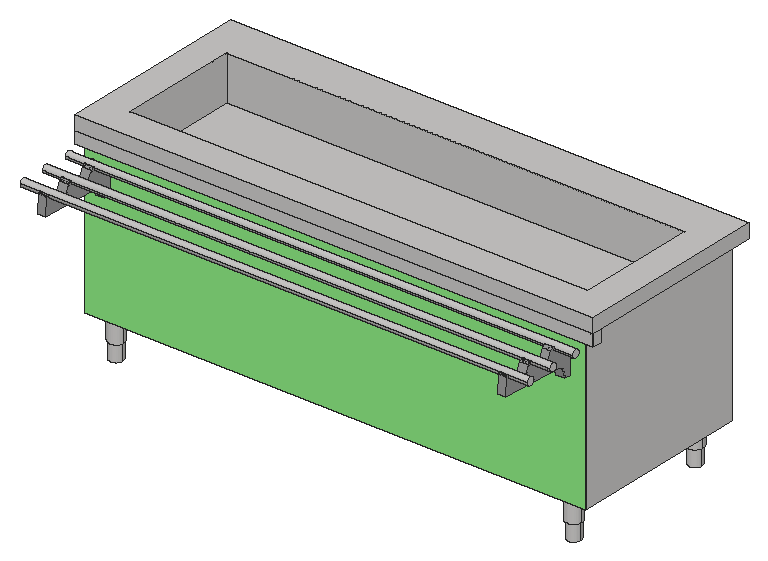
Revit family "QF_BOURGEAT_Self_Bain_marie_eau_6GN", category Equipement spécialisé, Revit 2015
Parameters (values of type "6GN_baie_libre")
  evacuation_eau = 33.2 mm
  arrivée_eau = 21 mm
  URL catalogue = "http://www.bourgeat.fr/fr/"
  URL = ""
  Type de Raccord Plomberie = ""
  Type de Raccord Electrique = ""
  Type article = ""
  Tension = 230 V
  Spécification du Fabricant = "Bain-marie Oasis"
  Roues = no
  Remarques Electricité = ""
  Puissance électrique  = 4200 W
  Profondeur hors tout = 820 mm
  Poids net à vide = 210.00 kg
  Pieds = yes
  lgmeuble = Longueur hors tout - 68 mm  # 2116 mm
  lgconsole = Longueur hors tout - 44 mm  # 2140 mm
  lg_presentoir = lgmeuble - 44 mm  # 2072 mm
  lg_porte = (lg_etagere / 2) + 10 mm  # 866 mm
  lg_etagere = lgmeuble - 404 mm  # 1712 mm
  Reserves = no
  Presentoir = no
  Phase = 2
  Nature isolant = "Laine de verre"
  Modèle = "851016"
  Longueur hors tout = 2184 mm
  Intensité nominale = 18.2609 A
  Indice de protection = "21"
  Hauteur hors tout = 900 mm
  Hauteur de Raccordement Evacuation Directe du Sol Finis = 0 mm
  Hauteur de Raccordement Eau Adoucie du Sol Finis = 0 mm
  Fréquence = 50 Hz
  Fabricant = "BOURGEAT"
  Etageres = no
  Diamètre de Raccordement Evacuation = 33.2 mm
  Diamètre de Raccordement Eau Adoucie = 21 mm
  Cuve à eau = yes
  Cuve à air = no
  Contact SAV = "0033 (0)4.76.32.14.44"
  Charge max = 200.00 kg
  Certification = "NF alimentaire"
Types (18, lengths in mm): name | Roues | Puissance électrique  | Poids net à vide | Pieds | Reserves | Presentoir | Modèle | Intensité nominale | Hauteur hors tout | Etageres
  6GN_baie_libre | no | 4200 W | 210.00 kg | yes | no | no | "851016" | 18.2609 A | 900 | no
  6GN_baie_libre+roues | yes | 4200 W | 210.00 kg | no | no | no | "851016+854950" | 18.2609 A | 900 | no
  6GN_baie_libre+etageres | no | 4200 W | 210.00 kg | yes | no | no | "851016+854936" | 18.2609 A | 900 | yes
  6GN_baie_libre+presentoir_neutre | no | 4200 W | 240.00 kg | yes | no | yes | "851016+851316" | 18.2609 A | 1330 | no
  6GN_baie_libre+presentoir_chauffant | no | 5160 W | 240.00 kg | yes | no | yes | "851016+851306" | 22.4348 A | 1330 | no
  6GN_baie_libre+roues+etageres | yes | 4200 W | 210.00 kg | no | no | no | "851016+854950+854936" | 18.2609 A | 900 | yes
  6GN_baie_libre+roues+presentoir_neutre | yes | 4200 W | 240.00 kg | no | no | yes | "851016+854950+851316" | 18.2609 A | 1330 | no
  6GN_baie_libre+roues+presentoir_chauffant | yes | 5160 W | 240.00 kg | no | no | yes | "851016+854950+851306" | 22.4348 A | 1330 | no
  6GN_baie_libre+etageres+presentoir_neutre | no | 4200 W | 210.00 kg | yes | no | yes | "851016+854936+851316" | 18.2609 A | 1330 | yes
  6GN_baie_libre+etageres+presentoir_chauffant | no | 5160 W | 240.00 kg | yes | no | yes | "851016+854936+851306" | 22.4348 A | 1330 | yes
  6GN_baie_libre+roues+presentoir_neutre+etageres | yes | 4200 W | 240.00 kg | no | no | yes | "851016+854950+851316+854936" | 18.2609 A | 1330 | yes
  6GN_baie_libre+roues+presentoir_chauffant+etageres | yes | 5160 W | 240.00 kg | no | no | yes | "851016+854950+851306+854936" | 22.4348 A | 1330 | yes
  6GN_reserve | no | 5100 W | 210.00 kg | yes | yes | no | "851236" | 22.1739 A | 900 | no
  6GN_reserve+roues | yes | 5100 W | 210.00 kg | no | yes | no | "851236+854950" | 22.1739 A | 900 | no
  6GN_reserve+presentoir_neutre | no | 5100 W | 240.00 kg | yes | yes | yes | "851236+851316" | 22.1739 A | 1330 | no
  6GN_reserve+presentoir_chauffant | no | 6060 W | 240.00 kg | yes | yes | yes | "851236+851306" | 26.3478 A | 1330 | no
  6GN_reserve+roues+presentoir_neutre | yes | 5100 W | 240.00 kg | no | yes | yes | "851236+854950+851316" | 22.1739 A | 1330 | no
  6GN_reserve+roues+presentoir_chauffant | yes | 6060 W | 240.00 kg | no | yes | yes | "851236+854950+851306" | 26.3478 A | 1330 | no
Reference planes
  plane 1 "Centre (avant/arrière)": y = 0
  plane 2: z = 0
  plane 3 "Centre (gauche/droite)": x = 0
  plane 4: z = 235
  plane 5: z = 465
  plane 6: y = 820
  plane 7: z = 284
  plane 8: z = 640
  plane 9: y = 598
  plane 10: z = 765
  plane 11: x = -124
  plane 12: y = 187
Forms (mm)
  Extrusion 1, solid
    sketch origin (0, 0, 0) x (1, 0, 0) y (0, 1, 0)
      loop
        circle (-2057, 598) r 10
    from 147.743 to 160
  Extrusion 2, solid
    sketch origin (0, 0, 0) x (1, 0, 0) y (0, 1, 0)
      loop
        circle (-2057, 187) r 10
    from 147.743 to 160
  Extrusion 3, solid
    sketch origin (0, 0, 0) x (1, 0, 0) y (0, 1, 0)
      loop
        circle (-2057, 398) r 10
    from 142 to 160
Dimensions and locks
  locked: nested 2 to plane 2 at 905
  locked: plane 4 to plane 2 at 235
  locked: plane 6 to nested 1 at 47
  locked: plane 7 to plane 2 at 284
  nested 1 to plane 2 = 160 mm
  locked: plane 8 to plane 2 at 640
  locked: nested 1 to plane 9 at 175
  locked: nested 11 to plane 10 at 135
  locked: nested 1 to plane 11 at 90
  locked: nested 1 to plane 12 at 179
  locked: plane 11 to plane 3 "Centre (gauche/droite)" at 124
  nested 1 to Extrusion 3 sketch curve = 375 mm
  aligned and locked: level to plane 2
  aligned and locked: plane 4 to nested 8
  aligned and locked: nested 9 to plane 5
  aligned and locked: nested 7 to nested 8
  aligned and locked: nested 9 to nested 1  (x2)
  aligned and locked: nested 7 to nested 1
  aligned and locked: nested 8 to nested 1  (x2)
  aligned and locked: nested 11 to plane 6
  aligned and locked: nested 10 to plane 6
  aligned and locked: nested 10 to nested 1  (x2)
  aligned and locked: nested 11 to nested 10
  aligned and locked: nested 11 to plane 1 "Centre (avant/arrière)"  (x2)
  aligned and locked: nested 1 to nested 2
  aligned and locked: nested 2 to nested 11
  aligned and locked: nested 11 to nested 1
  aligned and locked: nested 4 to nested 11
  aligned and locked: nested 12 to nested 1
  aligned and locked: nested 12 to nested 9
  aligned and locked: nested 12 to nested 13
  aligned and locked: plane 2 to nested 4
  aligned and locked: nested 5 to plane 2
  aligned and locked: nested 6 to plane 2
  aligned and locked: nested 11 to nested 5
  aligned and locked: nested 11 to nested 6
  aligned and locked: nested 11 to nested 2
  aligned and locked: nested 1 to nested 14  (x2)
  aligned and locked: nested 14 to nested 1
  aligned and locked: nested 11 to nested 15
  aligned and locked: nested 3 to nested 11
  aligned and locked: nested 16 to nested 14  (x2)
  aligned and locked: nested 1 to nested 16
  aligned and locked: nested 15 to plane 7
  aligned and locked: nested 3 to nested 17  (x2)
  aligned and locked: nested 4 to nested 18  (x2)
  aligned and locked: nested 6 to nested 19  (x2)
  aligned and locked: nested 5 to nested 20  (x2)
  aligned and locked: plane 8 to nested 7
  aligned and locked: plane 9 to Extrusion 1 sketch curve
  aligned and locked: Extrusion 1 to nested 1
  aligned and locked: nested 1 to nested 21
  aligned and locked: nested 1 to nested 22
  aligned and locked: plane 10 to nested 21
  aligned and locked: nested 13 to nested 1
  aligned and locked: nested 22 to plane 10
  aligned and locked: nested 22 to plane 11
  aligned and locked: plane 12 to Extrusion 2 sketch curve
  aligned and locked: plane 3 "Centre (gauche/droite)" to nested 11
  aligned and locked: nested 21 to nested 7
  aligned and locked: nested 11 to Extrusion 1 sketch curve
  aligned and locked: nested 18 to Extrusion 2 sketch curve
  aligned and locked: nested 11 to Extrusion 3 sketch curve
  aligned and locked: Extrusion 3 to nested 17
Nested families
  nested 1: "corps_meuble" at (-34, 8, 160), type "corps_meuble"
    with lg_meuble 2116 mm
  nested 2: "presentoir" at (-1092, 410, 551.997) x (0, 1, 0) z (0, 0, 1), visible <- "Presentoir", type "presentoir"
    with lg_presentoir 2072 mm
  nested 3: "pied" at (-2057, 720, 0), visible <- "Pieds", type "pied"
  nested 4: "pied" at (-2057, 58.814, 0), visible <- "Pieds", type "pied"
  nested 5: "pied" at (-127, 700, 0), visible <- "Pieds", type "pied"
  nested 6: "pied" at (-127, 58.814, 0), visible <- "Pieds", type "pied"
  nested 7: "barre_et_console" at (-1092, 8, 465) x (-1, 0, 0) z (0, 0, 1), type "barre_et_console"
    with lg_barre_console 2140 mm
  nested 8: "etagere" at (-1092, 88, 197) x (-1, 0, 0) z (0, 0, 1), visible <- "Etageres", type "etagere"
  nested 9: "etagere" at (-1092, 88, 427) x (-1, 0, 0) z (0, 0, 1), visible <- "Etageres", type "etagere"
  nested 10: "cuve" at (-1092, 410, 708), visible <- "Cuve à air", type "cuve_air"
    with lg_cuve 2184 mm, lg_bloc_ventillation 1930 mm
  nested 11: "cuve" at (-1092, 410, 708), visible <- "Cuve à eau", type "cuve_eau"
    with lg_cuve 2184 mm, lg_bloc_ventillation 1930 mm
  nested 12: "porte" at (-1082, 735, 160), visible <- "Reserves", type "porte"
    with lg_porte 866 mm
  nested 13: "porte" at (-236, 757, 160), visible <- "Reserves", type "porte"
    with lg_porte 866 mm
  nested 14: "bandeau" at (-1092, 773, 657), type "bandeau"
    with lg_bandeau 1712 mm
  nested 15: "IHM" at (-3637.78, 529.137, -323.91) x (-1, 0, 0) z (0, 0, 1), type "IHM"
  nested 16: "rail_porte" at (-1092, 763, 567), visible <- "Reserves", type "rail_porte"
    with lg_rail 1712 mm
  nested 17: "roue_ht160" at (-2057, 720, 0), visible <- "Roues", type "roue_ht160"
    with Sans frein yes, Avec frein yes
  nested 18: "roue_ht160" at (-2057, 58.814, 0), visible <- "Roues", type "roue_ht160"
    with Sans frein yes, Avec frein no
  nested 19: "roue_ht160" at (-127, 58.814, 0), visible <- "Roues", type "roue_ht160"
    with Sans frein yes, Avec frein no
  nested 20: "roue_ht160" at (-127, 700, 0), visible <- "Roues", type "roue_ht160"
    with Sans frein yes, Avec frein yes
  nested 21: "Prise" at (-2001, 798, 722), type "Prise"
  nested 22: "Prise" at (-167, 798, 722), type "Prise"
Connectors
  electrical at (-2057, 598, 147.743)
    settings: on Extrusion 1, index 1, voltage 0 V, apparent load 0 VA, apparent load phase1 0 VA, apparent load phase2 0 VA, apparent load phase3 0 VA, power factor 1, load classification "Autre", number of poles 1, system type 30, power factor state 1, is connector primary yes, connector utility no, sub classification motor no, connector description ""
  piping at (-2057, 187, 147.743), diameter 21, driven by "arrivée_eau"
    settings: on Extrusion 2, index 2, connector inside diameter 609.6 mm, connector length 0 mm, flow factor 0, pipe flow 0.0 L/s, pressure drop 0.0 Pa, fitting loss kfactor 0, connector angle 0.00°, fixture units 0, engagement length 0 mm, angle of deflection 0.00°, flow configuration 0, flow direction 1, fitting loss method 0, system type 8, joint type 0, gender type 0, connector reference index -1, connector utility 0, adjustable connector no, is connector primary yes, connector description ""
  piping at (-2057, 398, 142), diameter 33.2, driven by "evacuation_eau"
    settings: on Extrusion 3, index 3, connector inside diameter 609.6 mm, connector length 0 mm, flow factor 0, pipe flow 0.0 L/s, pressure drop 0.0 Pa, fitting loss kfactor 0, connector angle 0.00°, fixture units 0, engagement length 0 mm, angle of deflection 0.00°, flow configuration 0, flow direction 0, fitting loss method 0, system type 7, joint type 0, gender type 0, connector reference index -1, connector utility 0, adjustable connector no, is connector primary no, connector description ""
Definition of nested family "corps_meuble"
  Parameters (values of type "corps_meuble")
    lg_meuble = 1141 mm
  Reference planes
    plane 1 "Centre (avant/arrière)": y = 0
    plane 2: z = 0
    plane 3 "Centre (gauche/droite)": x = 0
    plane 4: x = -480.227
    plane 5: z = 680
    plane 6: x = -570.5
    plane 7: x = -379.227
    plane 8: x = -1141
    plane 9: x = -1091
    plane 10: x = -202
    plane 11: x = -50
    plane 12: x = -939
    plane 13: y = -1
  Forms (mm)
    Extrusion 1, solid
      sketch origin (-379.227, -50.814, 0) x (1, 0, 0) y (0, 1, 0)
        loop
          line (-761.773, 815.814) -> (-761.773, 50.814) -> (379.227, 50.814) -> (379.227, 815.814) -> (177.227, 815.814) -> (177.227, 130.814) -> (-559.773, 130.814) -> (-559.773, 815.814) -> (-761.773, 815.814)
      from 0 to 680
    Extrusion 2, void
      sketch origin (-379.227, 0, 0) x (1, 0, 0) y (0, 1, 0)
        loop
          line (-711.773, 699.99) -> (-711.773, 119.99) -> (329.227, 119.99) -> (329.227, 699.99) -> (-711.773, 699.99)
      from 541.178 to 680
    Extrusion 3, solid
      sketch origin (0, 0, 0) x (1, 0, 0) y (0, 0, 1)
        loop
          line (-1141, 680) -> (-1141, 0) -> (0, 0) -> (0, 680) -> (-1141, 680)
      from 0 to 1
  Cuts and joins
    Extrusion 2 cuts Extrusion 1
  Dimensions and locks
    locked: plane 5 to plane 2 at 680
    locked: plane 8 to plane 9 at 50
    locked: plane 10 to plane 3 "Centre (gauche/droite)" at 202
    locked: plane 11 to plane 3 "Centre (gauche/droite)" at 50
    equal spacing: plane 8, plane 6, plane 3 "Centre (gauche/droite)"
    "lg_meuble": plane 8 to plane 3 "Centre (gauche/droite)"
    locked: plane 8 to plane 12 at 202
    aligned and locked: level to plane 2
    aligned and locked: plane 5 to Extrusion 1
    aligned and locked: cut or joined group of Extrusion 1, Extrusion 2 to plane 8
    aligned and locked: Extrusion 2 to plane 9
    aligned and locked: Extrusion 1 to plane 10
    aligned and locked: plane 11 to cut or joined group of Extrusion 1, Extrusion 2
    aligned and locked: plane 12 to cut or joined group of Extrusion 1, Extrusion 2
    aligned and locked: Extrusion 3 sketch curve to cut or joined group of Extrusion 1, Extrusion 2  (x4)
    aligned and locked: Extrusion 3 to plane 13
  Automatic sketch dimensions
    Extrusion 1 sketch curve to plane 8 = 0 mm
    Extrusion 1 sketch curve to plane 10 = 0 mm
    plane 1 "Centre (avant/arrière)" to Extrusion 1 sketch curve = 0 mm
    Extrusion 1 sketch curve to plane 3 "Centre (gauche/droite)" = 0 mm
    Extrusion 1 sketch curve to plane 1 "Centre (avant/arrière)" = 80 mm
    Extrusion 1 sketch curve to plane 6 = 368.5 mm
    Extrusion 1 sketch curve to Extrusion 1 sketch curve = 685 mm
    Extrusion 1 sketch curve to Extrusion 1 sketch curve = 765 mm
    Extrusion 2 sketch curve to plane 9 = 0 mm
    Extrusion 2 sketch curve to plane 11 = 0 mm
    Extrusion 2 sketch curve to plane 1 "Centre (avant/arrière)" = 119.99 mm
    Extrusion 2 sketch curve to Extrusion 2 sketch curve = 580 mm
Definition of nested family "presentoir"
  Parameters (values of type "presentoir")
    lg_presentoir = 1097 mm
  Reference planes
    plane 1 "Centre (avant/arrière)": y = 0
    plane 2: z = 0
    plane 3 "Centre (gauche/droite)": x = 0
    plane 4: x = 0
    plane 5: y = 0
    plane 6: z = 348.003
    plane 7: z = 775.003
    plane 8: z = 353.003
    plane 9: z = 770.54
    plane 10: z = 727.003
    plane 11: y = 548.5
    plane 12: y = -548.5
    plane 13: y = 548.5
    plane 14: y = -548.5
  Forms (mm)
    Extrusion 1, solid
      sketch origin (0, 0, 0) x (1, 0, 0) y (0, 0, 1)
        loop
          line (-240.07, 650.474) -> (-234.874, 647.474) -> (-219.875, 673.453)
          arc (-219.875, 673.453) -> (-158.748, 734.58) -> (-75.248, 756.953) r 167
          line (-75.248, 756.953) -> (179.75, 756.953) -> (179.75, 762.953) -> (-75.248, 762.953)
          arc (-75.248, 762.953) -> (-161.33, 740.45) -> (-224.372, 677.664) r 170.59
          line (-224.372, 677.664) -> (-240.07, 650.474)
      from -503.5 to 503.5
    Extrusion 2, solid
      sketch origin (0, 0, 0) x (1, 0, 0) y (0, 1, 0)
        loop
          line (-25, 548.5) -> (-30.461, 503.5) -> (30.461, 503.5) -> (25, 548.5)
          arc (25, 548.5) -> (0, 523.5) -> (-25, 548.5) r 25
        loop
          arc (-25, -548.5) -> (0, -523.5) -> (25, -548.5) r 25
          line (25, -548.5) -> (30.461, -503.5) -> (-30.461, -503.5) -> (-25, -548.5)
      from 727.003 to 770.54
    Extrusion 3, solid
      sketch origin (0, -396.5, 0) x (1, 0, 0) y (0, 1, 0)
        loop
          circle (0, 945) r 21.2
        loop
          circle (0, -152) r 21.2
      from 353.003 to 775.003
    Revolve 4, solid
      sketch origin (0, 0, 0) x (0, 1, 0) y (0, 0, 1)
        loop
          line (-548.5, 353.003) -> (-569.7, 353.003) -> (-573.5, 349.203) -> (-573.5, 348.003) -> (-548.5, 348.003) -> (-548.5, 353.003)
        axis (-548.5, 353.003) -> (-548.5, 348.003)
      angle from 0 to 360
    Revolve 5, solid
      sketch origin (0, 0, 0) x (0, -1, 0) y (0, 0, 1)
        loop
          line (-548.5, 353.003) -> (-569.7, 353.003) -> (-573.5, 349.203) -> (-573.5, 348.003) -> (-548.5, 348.003) -> (-548.5, 353.003)
        axis (-548.5, 353.003) -> (-548.5, 348.003)
      angle from 0 to 360
  Dimensions and locks
    equal spacing: plane 11, plane 1 "Centre (avant/arrière)", plane 12
    "lg_presentoir": plane 11 to plane 12
    locked: Extrusion 2 sketch curve to plane 14 at 45
    locked: plane 13 to Extrusion 2 sketch curve at 45
    aligned and locked: level to plane 2
    aligned and locked: plane 3 "Centre (gauche/droite)" to plane 4
    aligned and locked: Extrusion 3 to plane 7
    aligned and locked: plane 8 to Extrusion 3
    aligned and locked: Extrusion 2 to plane 9
    aligned and locked: plane 10 to Extrusion 2
    aligned and locked: plane 1 "Centre (avant/arrière)" to plane 5
    aligned and locked: plane 11 to Extrusion 3
    aligned and locked: plane 12 to Extrusion 3
    aligned and locked: plane 13 to plane 11
    aligned and locked: plane 14 to plane 12
    aligned and locked: Extrusion 1 to Extrusion 2  (x2)
  Automatic sketch dimensions
    Extrusion 1 sketch curve to plane 3 "Centre (gauche/droite)" = 240.07 mm
    plane 10 to Extrusion 1 sketch curve = 79.529 mm
    Extrusion 1 sketch curve to Extrusion 1 sketch curve = 5.196 mm
    plane 10 to Extrusion 1 sketch curve = 49.34 mm
    Extrusion 1 sketch curve to Extrusion 1 sketch curve = 15.698 mm
    plane 10 to Extrusion 1 sketch curve = 53.55 mm
    Extrusion 1 sketch curve to plane 3 "Centre (gauche/droite)" = 76.636 mm
    Extrusion 1 sketch curve to Extrusion 1 sketch curve = 1.388 mm
    Extrusion 1 sketch curve to Extrusion 1 sketch curve = 0 mm
    plane 9 to Extrusion 1 sketch curve = 13.587 mm
    plane 3 "Centre (gauche/droite)" to Extrusion 1 sketch curve = 179.75 mm
    Extrusion 1 sketch curve to Extrusion 1 sketch curve = 2.415 mm
    Extrusion 2 sketch curve to plane 14 = 0 mm
    plane 11 to Extrusion 2 sketch curve = 0 mm
    Extrusion 2 sketch curve to plane 3 "Centre (gauche/droite)" = 0 mm  (x2)
    Extrusion 2 sketch curve to Extrusion 2 sketch curve = 25 mm  (x2)
    Extrusion 2 sketch curve to plane 3 "Centre (gauche/droite)" = 30.461 mm  (x2)
    plane 3 "Centre (gauche/droite)" to Extrusion 2 sketch curve = 30.461 mm  (x2)
    Extrusion 3 sketch curve to plane 3 "Centre (gauche/droite)" = 0 mm  (x2)
    Extrusion 3 sketch curve to plane 12 = 0 mm
    plane 11 to Extrusion 3 sketch curve = 0 mm
    Revolve 4 sketch curve to plane 6 = 0 mm
    Revolve 4 sketch curve to plane 8 = 0 mm
    Revolve 4 sketch curve to plane 12 = 0 mm  (x2)
    Revolve 4 sketch curve to Revolve 4 sketch curve = 21.2 mm
    Revolve 4 sketch curve to Revolve 4 sketch curve = 3.8 mm
    Revolve 4 sketch curve to Revolve 4 sketch curve = 1.2 mm
    Revolve 4 sketch curve to plane 6 = 14.256 mm
    plane 8 to Revolve 4 sketch curve = 30.744 mm
    Revolve 5 sketch curve to plane 6 = 0 mm
    plane 8 to Revolve 5 sketch curve = 0 mm
    Revolve 5 sketch curve to plane 11 = 0 mm  (x2)
    Revolve 5 sketch curve to plane 11 = 21.2 mm
    Revolve 5 sketch curve to Revolve 5 sketch curve = 3.8 mm
    Revolve 5 sketch curve to Revolve 5 sketch curve = 1.2 mm
    plane 6 to Revolve 5 sketch curve = 14.256 mm
    Revolve 5 sketch curve to Revolve 5 sketch curve = 30.744 mm
    radius of Extrusion 3 sketch curve = 21.2 mm  (x2)
Definition of nested family "pied"
  Reference planes
    plane 1 "Centre (avant/arrière)": y = 0
    plane 2: z = 0
    plane 3 "Centre (gauche/droite)": x = 0
  Forms (mm)
    Revolve 1, solid
      sketch origin (0, 0, 0) x (1, 0, 0) y (0, 0, 1)
        loop
          line (0, 160) -> (-33, 160) -> (-33, 70) -> (-28, 70) -> (-28, 0) -> (0, 0) -> (0, 160)
        axis (0, 160) -> (0, 0)
      angle from 0 to 360
  Dimensions and locks
    plane 3 "Centre (gauche/droite)" to Revolve 1 sketch curve = 28 mm
    Revolve 1 sketch curve to plane 3 "Centre (gauche/droite)" = 33 mm
    Revolve 1 sketch curve to plane 2 = 70 mm
    Revolve 1 sketch curve to Revolve 1 sketch curve = 90 mm
    aligned and locked: level to plane 2
Definition of nested family "barre_et_console"
  Parameters (values of type "barre_et_console")
    lg_barre_console = 1165 mm
  Reference planes
    plane 1 "Centre (avant/arrière)": y = 0
    plane 2: z = 0
    plane 3 "Centre (gauche/droite)": x = 0
    plane 4: x = -582.5
    plane 5: x = 582.5
    plane 6: x = -482.5
    plane 7: x = 482.5
    plane 8: z = 320.378
    plane 9: z = 175
  Dimensions and locks
    locked: plane 4 to plane 6 at 100
    locked: plane 7 to plane 5 at 100
    equal spacing: plane 4, plane 3 "Centre (gauche/droite)", plane 5
    "lg_barre_console": plane 4 to plane 5
    aligned and locked: level to plane 2
    aligned and locked: nested 1 to plane 1 "Centre (avant/arrière)"
    aligned and locked: plane 6 to nested 1
    aligned and locked: plane 7 to nested 2
    aligned and locked: plane 5 to nested 3
    aligned and locked: nested 3 to plane 4
    aligned and locked: plane 8 to nested 3
    aligned and locked: plane 9 to nested 1
  Nested families
    nested 1: "console" at (-482.5, 0, 0) x (0, 1, 0) z (0, 0, 1), type "console"
    nested 2: "console" at (482.5, 0, 0) x (0, 1, 0) z (0, 0, 1), type "console"
    nested 3: "barre" at (582.5, 0, 19.415) x (0, 1, 0) z (0, 0, 1), type "barre"
  Definition of nested family "console"
    Reference planes
      plane 1 "Centre (avant/arrière)": y = 0
      plane 2: z = 0
      plane 3 "Centre (gauche/droite)": x = 0
      plane 4: y = 18
      plane 5: y = -18
      plane 6: y = 0
    Forms (mm)
      Extrusion 1, solid
        sketch origin (-12.245, 0, 175) x (1, 0, 0) y (0, 0, 1)
          loop
            line (12.245, 100) -> (12.245, 0) -> (39.579, 4.82) -> (50.894, 44.279)
            arc (50.894, 44.279) -> (55.986, 52.254) -> (64.592, 56.187) r 16.714
            line (64.592, 56.187) -> (348.499, 69.146) -> (343.309, 143.358)
            arc (343.309, 143.358) -> (342.973, 144.595) -> (342.189, 145.609) r 3.292
            line (342.189, 145.609) -> (337.923, 148.439)
            arc (337.923, 148.439) -> (337.371, 148.545) -> (336.906, 148.229) r 0.731
            arc (336.906, 148.229) -> (320.176, 130.386) -> (309.012, 152.149) r 14.958
            arc (309.012, 152.149) -> (308.597, 152.587) -> (308.001, 152.491) r 0.646
            line (308.001, 152.491) -> (297.265, 144.401) -> (278.874, 108.385)
            arc (278.874, 108.385) -> (262.102, 99.164) -> (245.329, 108.385) r 19.864
            line (245.329, 108.385) -> (229.634, 139.188) -> (217.945, 148.321)
            arc (217.945, 148.321) -> (217.306, 148.53) -> (216.976, 147.944) r 0.53
            arc (216.976, 147.944) -> (200.124, 130.629) -> (188.973, 152.064) r 14.905
            arc (188.973, 152.064) -> (188.691, 152.524) -> (188.154, 152.476) r 0.511
            line (188.154, 152.476) -> (177.098, 144.144) -> (158.855, 108.341)
            arc (158.855, 108.341) -> (142.039, 98.901) -> (125.223, 108.341) r 19.698
            line (125.223, 108.341) -> (109.334, 139.526) -> (97.932, 148.434)
            arc (97.932, 148.434) -> (97.187, 148.438) -> (96.994, 147.718) r 0.61
            arc (96.994, 147.718) -> (79.923, 130.663) -> (69.024, 152.192) r 14.902
            arc (69.024, 152.192) -> (68.66, 152.548) -> (68.158, 152.464) r 0.563
            line (68.158, 152.464) -> (57.103, 144.336) -> (39.164, 108.745)
            arc (39.164, 108.745) -> (33.443, 102.448) -> (25.295, 100) r 15.908
            line (25.295, 100) -> (12.245, 100)
        from -18 to 18
    Dimensions and locks
      plane 4 to plane 5 = 36 mm
      equal spacing: plane 4, plane 6, plane 5, locked at 18 each
      aligned and locked: level to plane 2
      aligned and locked: plane 4 to Extrusion 1
      aligned and locked: Extrusion 1 to plane 5
      aligned and locked: plane 6 to plane 1 "Centre (avant/arrière)"
      aligned and locked: Extrusion 1 to plane 3 "Centre (gauche/droite)"
    Automatic sketch dimensions
      Extrusion 1 sketch curve to Extrusion 1 sketch curve = 12.714 mm
      Extrusion 1 sketch curve to Extrusion 1 sketch curve = 13.05 mm
      Extrusion 1 sketch curve to Extrusion 1 sketch curve = 14.206 mm
      Extrusion 1 sketch curve to Extrusion 1 sketch curve = 27.334 mm
      Extrusion 1 sketch curve to Extrusion 1 sketch curve = 11.315 mm
      Extrusion 1 sketch curve to Extrusion 1 sketch curve = 17.938 mm
      Extrusion 1 sketch curve to Extrusion 1 sketch curve = 13.698 mm
      Extrusion 1 sketch curve to Extrusion 1 sketch curve = 16.057 mm
      Extrusion 1 sketch curve to Extrusion 1 sketch curve = 11.055 mm
      Extrusion 1 sketch curve to Extrusion 1 sketch curve = 0.333 mm
      Extrusion 1 sketch curve to Extrusion 1 sketch curve = 13.785 mm
      Extrusion 1 sketch curve to Extrusion 1 sketch curve = 15.28 mm
      Extrusion 1 sketch curve to Extrusion 1 sketch curve = 0.376 mm
      Extrusion 1 sketch curve to Extrusion 1 sketch curve = 11.401 mm
      Extrusion 1 sketch curve to Extrusion 1 sketch curve = 15.89 mm
      Extrusion 1 sketch curve to Extrusion 1 sketch curve = 16.816 mm  (x2)
      Extrusion 1 sketch curve to Extrusion 1 sketch curve = 18.243 mm
      Extrusion 1 sketch curve to Extrusion 1 sketch curve = 11.057 mm
      Extrusion 1 sketch curve to Extrusion 1 sketch curve = 0.308 mm
      Extrusion 1 sketch curve to Extrusion 1 sketch curve = 13.831 mm
      Extrusion 1 sketch curve to Extrusion 1 sketch curve = 15.204 mm
      Extrusion 1 sketch curve to Extrusion 1 sketch curve = 0.447 mm
      Extrusion 1 sketch curve to Extrusion 1 sketch curve = 11.69 mm
      Extrusion 1 sketch curve to Extrusion 1 sketch curve = 15.695 mm
      Extrusion 1 sketch curve to Extrusion 1 sketch curve = 16.772 mm  (x2)
      Extrusion 1 sketch curve to Extrusion 1 sketch curve = 18.391 mm
      Extrusion 1 sketch curve to Extrusion 1 sketch curve = 10.737 mm
      Extrusion 1 sketch curve to Extrusion 1 sketch curve = 0.389 mm
      Extrusion 1 sketch curve to Extrusion 1 sketch curve = 13.868 mm
      Extrusion 1 sketch curve to Extrusion 1 sketch curve = 15.261 mm
      Extrusion 1 sketch curve to Extrusion 1 sketch curve = 0.404 mm
      Extrusion 1 sketch curve to Extrusion 1 sketch curve = 2.506 mm
      Extrusion 1 sketch curve to Extrusion 1 sketch curve = 2.164 mm
      Extrusion 1 sketch curve to Extrusion 1 sketch curve = 1.12 mm
      Extrusion 1 sketch curve to Extrusion 1 sketch curve = 5.189 mm
      Extrusion 1 sketch curve to Extrusion 1 sketch curve = 4.639 mm
      Extrusion 1 sketch curve to Extrusion 1 sketch curve = 55.721 mm
      Extrusion 1 sketch curve to Extrusion 1 sketch curve = 8.745 mm
      Extrusion 1 sketch curve to Extrusion 1 sketch curve = 10.259 mm
      Extrusion 1 sketch curve to Extrusion 1 sketch curve = 10.642 mm
      Extrusion 1 sketch curve to Extrusion 1 sketch curve = 9.133 mm
      Extrusion 1 sketch curve to Extrusion 1 sketch curve = 31.185 mm
      Extrusion 1 sketch curve to Extrusion 1 sketch curve = 35.803 mm
      Extrusion 1 sketch curve to Extrusion 1 sketch curve = 35.592 mm
      Extrusion 1 sketch curve to Extrusion 1 sketch curve = 3.24 mm
      Extrusion 1 sketch curve to Extrusion 1 sketch curve = 2.946 mm
      Extrusion 1 sketch curve to Extrusion 1 sketch curve = 1.042 mm
      Extrusion 1 sketch curve to Extrusion 1 sketch curve = 0.609 mm
      Extrusion 1 sketch curve to Extrusion 1 sketch curve = 8.427 mm
      Extrusion 1 sketch curve to Extrusion 1 sketch curve = 0.286 mm
      Extrusion 1 sketch curve to Extrusion 1 sketch curve = 0.481 mm
      Extrusion 1 sketch curve to Extrusion 1 sketch curve = 0.516 mm
      Extrusion 1 sketch curve to Extrusion 1 sketch curve = 7.674 mm
      Extrusion 1 sketch curve to Extrusion 1 sketch curve = 7.924 mm
      Extrusion 1 sketch curve to Extrusion 1 sketch curve = 0.453 mm
      Extrusion 1 sketch curve to Extrusion 1 sketch curve = 0.408 mm
      Extrusion 1 sketch curve to Extrusion 1 sketch curve = 0.533 mm
      Extrusion 1 sketch curve to Extrusion 1 sketch curve = 0.511 mm
      Extrusion 1 sketch curve to Extrusion 1 sketch curve = 0.622 mm
      Extrusion 1 sketch curve to Extrusion 1 sketch curve = 4.82 mm
      Extrusion 1 sketch curve to Extrusion 1 sketch curve = 34.82 mm
      Extrusion 1 sketch curve to Extrusion 1 sketch curve = 76.232 mm
      Extrusion 1 sketch curve to Extrusion 1 sketch curve = 37.038 mm
      Extrusion 1 sketch curve to Extrusion 1 sketch curve = 39.239 mm
      Extrusion 1 sketch curve to Extrusion 1 sketch curve = 30.803 mm
      Extrusion 1 sketch curve to Extrusion 1 sketch curve = 34.743 mm
      Extrusion 1 sketch curve to Extrusion 1 sketch curve = 0.23 mm
      Extrusion 1 sketch curve to Extrusion 1 sketch curve = 36.015 mm
      Extrusion 1 sketch curve to Extrusion 1 sketch curve = 2.071 mm
      Extrusion 1 sketch curve to Extrusion 1 sketch curve = 7.575 mm
      Extrusion 1 sketch curve to plane 3 "Centre (gauche/droite)" = 0 mm
      level to Extrusion 1 sketch curve = 175 mm
  Definition of nested family "barre"
    Parameters (values of type "barre")
      lg_barre = 1165 mm
    Reference planes
      plane 1 "Centre (avant/arrière)": y = 0
      plane 2: z = 0
      plane 3 "Centre (gauche/droite)": x = 0
      plane 4: x = 70
      plane 5: x = 190
      plane 6: x = 309
      plane 7: z = 300.963
      plane 8: z = 94.658
      plane 9: y = 0
      plane 10: y = 1165
    Forms (mm)
      Extrusion 1, solid
        sketch origin (0, 0, 0) x (1, 0, 0) y (0, 0, 1)
          loop
            circle (70, 300.963) r 15
          loop
            circle (190, 300.963) r 15
          loop
            circle (309, 300.963) r 15
        from 0 to -1165
    Dimensions and locks
      plane 4 to plane 3 "Centre (gauche/droite)" = 70 mm
      plane 6 to plane 5 to plane 4 = 119 mm, 120 mm
      "lg_barre": plane 10 to plane 1 "Centre (avant/arrière)"
      aligned and locked: level to plane 2
      aligned and locked: Extrusion 1 to plane 9
      aligned and locked: plane 9 to plane 1 "Centre (avant/arrière)"
      aligned and locked: plane 10 to Extrusion 1
    Automatic sketch dimensions
      Extrusion 1 sketch curve to plane 4 = 0 mm
      Extrusion 1 sketch curve to plane 5 = 0 mm
      Extrusion 1 sketch curve to plane 6 = 0 mm
      Extrusion 1 sketch curve to plane 7 = 0 mm  (x3)
      radius of Extrusion 1 sketch curve = 15 mm  (x3)
Definition of nested family "etagere"
  Parameters (values of type "etagere")
    lg_etagere = 1712 mm
  Reference planes
    plane 1 "Centre (avant/arrière)": y = 0
    plane 2: z = 0
    plane 3 "Centre (gauche/droite)": x = 0
    plane 4: y = -625
    plane 5: y = -623
    plane 6: y = -2
    plane 7: x = 0
  Forms (mm)
    Extrusion 1, solid
      sketch origin (0, 0, 0) x (0, 1, 0) y (0, 0, 1)
        loop
          line (0, 119.481) -> (-2, 119.481) -> (-2, 40) -> (-625, 40) -> (-625, 0) -> (-623, 0) -> (-623, 38) -> (0, 38) -> (0, 119.481)
      from -856 to 856
  Dimensions and locks
    locked: plane 6 to plane 1 "Centre (avant/arrière)" at 2
    locked: plane 4 to plane 5 at 2
    plane 4 to plane 1 "Centre (avant/arrière)" = 625 mm
    equal spacing: Extrusion 1, plane 7, Extrusion 1
    "lg_etagere": Extrusion 1 to Extrusion 1
    aligned and locked: level to plane 2
    aligned and locked: plane 2 to Extrusion 1 sketch curve
    aligned and locked: plane 1 "Centre (avant/arrière)" to Extrusion 1 sketch curve
    aligned and locked: plane 4 to Extrusion 1
    aligned and locked: plane 5 to Extrusion 1
    aligned and locked: Extrusion 1 to plane 6
    aligned and locked: plane 3 "Centre (gauche/droite)" to plane 7
  Automatic sketch dimensions
    Extrusion 1 sketch curve to plane 4 = 0 mm
    Extrusion 1 sketch curve to plane 5 = 0 mm
    Extrusion 1 sketch curve to plane 6 = 0 mm
    level to Extrusion 1 sketch curve = 38 mm
    Extrusion 1 sketch curve to Extrusion 1 sketch curve = 2 mm
    Extrusion 1 sketch curve to Extrusion 1 sketch curve = 79.481 mm
Definition of nested family "cuve"
  Parameters (values of type "cuve_eau")
    type_cuve = 178 mm
    lg_cuve = 1209 mm
    lg_bloc_ventillation = lg_cuve - 254 mm  # 955 mm
    bloc_ventillation = no
  Types (2, lengths in mm): name | type_cuve | bloc_ventillation
    cuve_air | 132 | yes
    cuve_eau | 178 | no
  Reference planes
    plane 1 "Centre (avant/arrière)": y = 0
    plane 2: z = 0
    plane 3 "Centre (gauche/droite)": x = 0
    plane 4: y = 410
    plane 5: y = -410
    plane 6: x = -604.5
    plane 7: x = 604.5
    plane 8: z = 192
    plane 9: y = 232
    plane 10: y = -278
    plane 11: x = 477.5
    plane 12: x = -477.5
    plane 13: z = 2
    plane 14: y = -280
    plane 15: x = -479.5
    plane 16: y = 234
    plane 17: x = 479.5
    plane 18: z = 132
    plane 19: y = -408
    plane 20: z = 82
  Forms (mm)
    Extrusion 1, solid
      sketch origin (12, -10, 0) x (1, 0, 0) y (0, 1, 0)
        loop
          line (-616.5, 420) -> (-616.5, -400) -> (592.5, -400) -> (592.5, 420) -> (-616.5, 420)
      from 0 to 192
    Extrusion 2, void
      sketch origin (0, 0, 0) x (1, 0, 0) y (0, 1, 0)
        loop
          line (-477.5, 232) -> (-477.5, -278) -> (477.5, -278) -> (477.5, 232) -> (-477.5, 232)
      from 2 to 250
    Extrusion 3, void
      sketch origin (0, 0, 0) x (1, 0, 0) y (0, 1, 0)
        loop
          line (-479.5, 234) -> (-479.5, -280) -> (479.5, -280) -> (479.5, 234) -> (-479.5, 234)
        loop
          line (-674.5, 480) -> (-674.5, -480) -> (674.5, -480) -> (674.5, 480) -> (-674.5, 480)
      from 0 to 132
    Extrusion 4, solid
      sketch origin (0, 0, 0) x (1, 0, 0) y (0, 1, 0)
        loop
          line (-604.5, -408) -> (-604.5, -410) -> (604.5, -410) -> (604.5, -408) -> (-604.5, -408)
      from 82 to 132
    Extrusion 5, solid
      sketch origin (0, 0, 0) x (0, 1, 0) y (0, 0, 1)
        loop
          line (-408, 82) -> (-370, 82) -> (-370, 132) -> (-408, 132) -> (-408, 82)
      from -604.5 to 604.5
  Cuts and joins
    Extrusion 2, Extrusion 3 cuts Extrusion 1
  Dimensions and locks
    equal spacing: plane 4, plane 1 "Centre (avant/arrière)", plane 5, locked at 410 each
    plane 4 to plane 5 = 820 mm
    equal spacing: plane 6, plane 3 "Centre (gauche/droite)", plane 7
    "lg_cuve": plane 6 to plane 7
    locked: plane 8 to plane 2 at 192
    locked: plane 13 to plane 2 at 2
    locked: plane 5 to plane 10 at 132
    "type_cuve": plane 4 to plane 9
    locked: plane 11 to plane 7 at 127
    locked: plane 6 to plane 12 at 127
    locked: plane 16 to plane 9 at 2
    locked: plane 15 to plane 12 at 2
    locked: plane 14 to plane 10 at 2
    locked: plane 11 to plane 17 at 2
    locked: Extrusion 3 sketch curve to plane 6 at 70
    locked: Extrusion 3 sketch curve to plane 5 at 70
    locked: plane 7 to Extrusion 3 sketch curve at 70
    locked: Extrusion 3 sketch curve to plane 4 at 70
    locked: plane 8 to plane 18 at 60
    locked: plane 5 to plane 19 at 2
    aligned and locked: plane 2 to level
    aligned and locked: plane 6 to Extrusion 1 sketch curve
    aligned and locked: Extrusion 1 sketch curve to plane 7
    aligned and locked: plane 8 to Extrusion 1
    aligned and locked: plane 4 to Extrusion 1
    aligned and locked: plane 5 to Extrusion 1
    aligned and locked: Extrusion 2 sketch curve to plane 9
    aligned and locked: Extrusion 2 sketch curve to plane 12
    aligned and locked: Extrusion 2 sketch curve to plane 10
    aligned and locked: Extrusion 2 sketch curve to plane 11
    aligned and locked: cut or joined group of Extrusion 1, Extrusion 2, Extrusion 3 to plane 13
    aligned and locked: Extrusion 3 sketch curve to plane 16
    aligned and locked: Extrusion 3 sketch curve to plane 15
    aligned and locked: Extrusion 3 sketch curve to plane 14
    aligned and locked: Extrusion 3 sketch curve to plane 17
    aligned and locked: cut or joined group of Extrusion 1, Extrusion 2, Extrusion 3 to plane 18
    aligned and locked: Extrusion 4 sketch curve to plane 19
    aligned and locked: plane 6 to Extrusion 4 sketch curve
    aligned and locked: Extrusion 4 sketch curve to cut or joined group of Extrusion 1, Extrusion 2, Extrusion 3  (x2)
    aligned and locked: Extrusion 4 to cut or joined group of Extrusion 1, Extrusion 2, Extrusion 3
    aligned and locked: Extrusion 4 to plane 20
    aligned and locked: plane 18 to Extrusion 5 sketch curve
    aligned and locked: Extrusion 5 sketch curve to plane 20
    aligned and locked: Extrusion 4 to Extrusion 5 sketch curve
    aligned and locked: cut or joined group of Extrusion 1, Extrusion 2, Extrusion 3 to Extrusion 5
    aligned and locked: Extrusion 5 to cut or joined group of Extrusion 1, Extrusion 2, Extrusion 3
    aligned and locked: plane 3 "Centre (gauche/droite)" to nested 1
    aligned and locked: nested 1 to cut or joined group of Extrusion 1, Extrusion 2, Extrusion 3
  Automatic sketch dimensions
    Extrusion 1 sketch curve to plane 5 = 0 mm
    plane 4 to Extrusion 1 sketch curve = 0 mm
    Extrusion 5 sketch curve to plane 5 = 2 mm
    Extrusion 5 sketch curve to Extrusion 5 sketch curve = 38 mm
  Nested families
    nested 1: "bloc_ventillation_cuve_air" at (0, -232, 0), visible <- "bloc_ventillation", type "bloc_ventillation_cuve_air"
  Definition of nested family "bloc_ventillation_cuve_air"
    Parameters (values of type "bloc_ventillation_cuve_air")
      lg_bloc_ventillation = 955 mm
    Reference planes
      plane 1 "Centre (avant/arrière)": y = 0
      plane 2: z = 0
      plane 3 "Centre (gauche/droite)": x = 0
      plane 4: y = -46
      plane 5: z = 190
    Forms (mm)
      Extrusion 1, solid
        sketch origin (0, 0, 0) x (1, 0, 0) y (0, 1, 0)
          loop
            line (-477.5, 0) -> (-477.5, -46) -> (477.5, -46) -> (477.5, 0) -> (-477.5, 0)
        from 0 to 190
    Dimensions and locks
      locked: plane 4 to plane 1 "Centre (avant/arrière)" at 46
      plane 5 to plane 2 = 190 mm
      "lg_bloc_ventillation": Extrusion 1 sketch curve to Extrusion 1 sketch curve
      equal spacing: Extrusion 1 sketch curve, plane 3 "Centre (gauche/droite)", Extrusion 1 sketch curve
      aligned and locked: level to plane 2
      aligned and locked: plane 5 to Extrusion 1
    Automatic sketch dimensions
      Extrusion 1 sketch curve to plane 4 = 0 mm
      plane 1 "Centre (avant/arrière)" to Extrusion 1 sketch curve = 0 mm
Definition of nested family "porte"
  Parameters (values of type "porte")
    lg_porte = 378.5 mm
  Reference planes
    plane 1 "Centre (avant/arrière)": y = 0
    plane 2: z = 0
    plane 3 "Centre (gauche/droite)": x = 0
    plane 4: x = -378.5
    plane 5: y = -22
    plane 6: z = 407
  Forms (mm)
    Extrusion 1, solid
      sketch origin (0, 0, 0) x (1, 0, 0) y (0, 0, 1)
        loop
          line (0, 0) -> (0, 407) -> (-378.5, 407) -> (-378.5, 0) -> (0, 0)
      from 0 to 22
  Dimensions and locks
    "lg_porte": plane 3 "Centre (gauche/droite)" to plane 4
    plane 5 to plane 1 "Centre (avant/arrière)" = 22 mm
    locked: plane 6 to plane 2 at 407
    aligned and locked: level to plane 2
    aligned and locked: Extrusion 1 sketch curve to plane 3 "Centre (gauche/droite)"
    aligned and locked: level to Extrusion 1 sketch curve
    aligned and locked: Extrusion 1 to plane 4
    aligned and locked: Extrusion 1 to plane 5
    aligned and locked: plane 6 to Extrusion 1
  Automatic sketch dimensions
    Extrusion 1 sketch curve to plane 4 = 0 mm
    level to Extrusion 1 sketch curve = 407 mm
Definition of nested family "bandeau"
  Parameters (values of type "bandeau")
    lg_bandeau = 737 mm
  Reference planes
    plane 1 "Centre (avant/arrière)": y = 0
    plane 2: z = 0
    plane 3 "Centre (gauche/droite)": x = 0
    plane 4: x = -368.5
    plane 5: x = 368.5
    plane 6: y = -10
    plane 7: z = 183
  Forms (mm)
    Extrusion 1, solid
      sketch origin (0, 0, 0) x (1, 0, 0) y (0, 1, 0)
        loop
          line (-368.5, 0) -> (-368.5, -10) -> (368.5, -10) -> (368.5, 0) -> (-368.5, 0)
      from 0 to 183
  Dimensions and locks
    equal spacing: plane 4, plane 3 "Centre (gauche/droite)", plane 5
    "lg_bandeau": plane 4 to plane 5
    plane 6 to plane 1 "Centre (avant/arrière)" = 10 mm
    locked: plane 7 to plane 2 at 183
    aligned and locked: level to plane 2
    aligned and locked: Extrusion 1 to plane 4
    aligned and locked: plane 5 to Extrusion 1
    aligned and locked: Extrusion 1 to plane 6
    aligned and locked: plane 7 to Extrusion 1
  Automatic sketch dimensions
    plane 1 "Centre (avant/arrière)" to Extrusion 1 sketch curve = 0 mm
    plane 4 to Extrusion 1 sketch curve = 0 mm
    Extrusion 1 sketch curve to plane 5 = 0 mm
    plane 1 "Centre (avant/arrière)" to Extrusion 1 sketch curve = 10 mm
Definition of nested family "IHM"
  Reference planes
    plane 1 "Centre (avant/arrière)": y = 0
    plane 2: z = 0
    plane 3 "Centre (gauche/droite)": x = 0
    plane 4: x = -1638.78
    plane 5: x = -1522.78
    plane 6: z = 959.91
    plane 7: z = 607.91
    plane 8: x = -1580.78
    plane 9: x = -1580.78
    plane 10: z = 778.91
    plane 11: z = 808.91
    plane 12: z = 835.91
    plane 13: z = 867.91
    plane 14: z = 894.91
    plane 15: z = 925.91
    plane 16: x = -1591.78
    plane 17: x = -1569.78
    plane 18: x = -1543.78
    plane 19: x = -1617.78
    plane 20: x = -1568.28
    plane 21: x = -1593.28
  Forms (mm)
    Extrusion 1, solid
      sketch origin (0, 0, 0) x (1, 0, 0) y (0, 0, 1)
        loop
          arc (-1628.78, 959.91) -> (-1635.851, 956.981) -> (-1638.78, 949.91) r 10
          line (-1638.78, 949.91) -> (-1638.78, 617.91)
          arc (-1638.78, 617.91) -> (-1635.851, 610.839) -> (-1628.78, 607.91) r 10
          line (-1628.78, 607.91) -> (-1532.78, 607.91)
          arc (-1532.78, 607.91) -> (-1525.709, 610.839) -> (-1522.78, 617.91) r 10
          line (-1522.78, 617.91) -> (-1522.78, 949.91)
          arc (-1522.78, 949.91) -> (-1525.709, 956.981) -> (-1532.78, 959.91) r 10
          line (-1532.78, 959.91) -> (-1628.78, 959.91)
      from 243.863 to 250
    Extrusion 2, solid
      sketch origin (0, 0, 0) x (1, 0, 0) y (0, 0, 1)
        loop
          line (-1593.28, 925.91) -> (-1593.28, 894.91) -> (-1568.28, 894.91) -> (-1568.28, 925.91) -> (-1593.28, 925.91)
        loop
          line (-1543.78, 835.91) -> (-1543.78, 867.91) -> (-1617.78, 867.91) -> (-1617.78, 835.91) -> (-1543.78, 835.91)
        loop
          line (-1591.78, 808.91) -> (-1591.78, 778.91) -> (-1569.78, 778.91) -> (-1569.78, 808.91) -> (-1591.78, 808.91)
      from 253.697 to 250
  Dimensions and locks
    plane 6 to plane 7 = 352 mm
    plane 5 to plane 4 = 116 mm
    aligned and locked: level to plane 2
    aligned and locked: plane 4 to Extrusion 1 sketch curve
    aligned and locked: plane 7 to Extrusion 1 sketch curve
    aligned and locked: Extrusion 1 sketch curve to plane 5
    aligned and locked: Extrusion 1 sketch curve to plane 6
Definition of nested family "rail_porte"
  Parameters (values of type "rail_porte")
    lg_rail = 737 mm
  Reference planes
    plane 1 "Centre (avant/arrière)": y = 0
    plane 2: z = 0
    plane 3 "Centre (gauche/droite)": x = 0
    plane 4: x = 368.5
    plane 5: x = -368.5
    plane 6: z = 90
  Forms (mm)
    Extrusion 1, solid
      sketch origin (0, -97.027, 0) x (1, 0, 0) y (0, 1, 0)
        loop
          line (-368.5, 107.027) -> (-368.5, 97.027) -> (368.5, 97.027) -> (368.5, 107.027) -> (-368.5, 107.027)
      from 0 to 90
  Dimensions and locks
    equal spacing: plane 5, plane 3 "Centre (gauche/droite)", plane 4
    "lg_rail": plane 5 to plane 4
    plane 6 to plane 2 = 90 mm
    plane 1 "Centre (avant/arrière)" to Extrusion 1 = 10 mm
    aligned and locked: level to plane 2
    aligned and locked: Extrusion 1 to plane 5
    aligned and locked: plane 4 to Extrusion 1
    aligned and locked: plane 6 to Extrusion 1
    aligned and locked: plane 1 "Centre (avant/arrière)" to Extrusion 1
  Automatic sketch dimensions
    plane 1 "Centre (avant/arrière)" to Extrusion 1 sketch curve = 0 mm
    Extrusion 1 sketch curve to plane 5 = 0 mm
    Extrusion 1 sketch curve to plane 4 = 0 mm
    Extrusion 1 sketch curve to plane 1 "Centre (avant/arrière)" = 10 mm
Definition of nested family "roue_ht160"
  Parameters (values of type "roue_ht160")
    Sans frein [instance] = yes
    Avec frein [instance] = yes
  Reference planes
    plane 1 "Centre (avant/arrière)": y = 0
    plane 2: z = 0
    plane 3 "Centre (gauche/droite)": x = 0
    plane 4: y = 40.851
    plane 5: z = 62.5
  Forms (mm)
    Extrusion 1, solid
      sketch origin (0, 0, 0) x (0, 1, 0) y (0, 0, 1)
        loop
          circle (40.851, 62.5) r 62.5
        loop
          circle (40.851, 62.5) r 57.5
      from -12.5 to 12.5
    Revolve 2, solid
      sketch origin (0, 0, 0) x (0, 1, 0) y (0, 0, 1)
        loop
          line (0, 160.21) -> (-20.149, 160.21) -> (-20.149, 159.41) -> (-21.6, 159.41)
          arc (-21.6, 159.41) -> (-24.448, 158.65) -> (-26.537, 156.572) r 5.712
          line (-26.537, 156.572) -> (-30.146, 147.743) -> (-26.999, 147.062) -> (-26.999, 146.112)
          arc (-26.999, 146.112) -> (-27.23, 145.314) -> (-27.849, 144.761) r 1.5
          arc (-27.849, 144.761) -> (-29.223, 143.633) -> (-29.923, 142) r 3.75
          line (-29.923, 142) -> (0, 142) -> (0, 160.21)
        axis (0, 160.21) -> (0, 142)
      angle from 0 to 360
    Extrusion 3, solid
      sketch origin (0, 0, 0) x (0, 1, 0) y (0, 0, -1)
        loop
          line (-29.974, -138.241) -> (-29.974, -142) -> (21.747, -142) -> (21.747, -60.336)
          arc (21.747, -60.336) -> (10.272, -70.702) -> (-0.149, -82.127) r 160.057
          arc (-0.149, -82.127) -> (-17.883, -108.684) -> (-29.974, -138.241) r 159.585
      from -24.913 to -23.038
    Extrusion 4, solid
      sketch origin (0, 0, 0) x (0, 1, 0) y (0, 0, 1)
        loop
          line (-29.974, 142) -> (-29.974, 140.869) -> (21.747, 140.869) -> (21.747, 142) -> (-29.974, 142)
      from -23.038 to 23.038
    Extrusion 5, solid
      sketch origin (0, 0, 0) x (0, 1, 0) y (0, 0, 1)
        loop
          circle (40.851, 62.5) r 57.5
        loop
          circle (40.851, 62.5) r 55
      from -12.5 to 12.5
    Extrusion 6, solid
      sketch origin (0, 0, 0) x (0, 1, 0) y (0, 0, 1)
        loop
          circle (40.851, 62.5) r 55
      from -7 to 7
    Extrusion 7, solid
      sketch origin (0, 0, 0) x (0, 1, 0) y (0, 0, 1)
        loop
          circle (40.851, 62.5) r 21
      from 7 to 15
    Extrusion 8, solid
      sketch origin (0, 0, 0) x (0, 1, 0) y (0, 0, -1)
        loop
          circle (40.851, -62.5) r 16
      from -23.038 to -15
    Extrusion 9, solid, visible <- "Sans frein"
      sketch origin (0, 0, 0) x (0, 1, 0) y (0, 0, 1)
        loop
          arc (21.747, 60.336) -> (23.188, 59.17) -> (24.642, 58.02) r 161.23
          arc (24.642, 58.02) -> (29.34, 54.513) -> (34.187, 51.216) r 133.333
          arc (34.187, 51.216) -> (46.517, 50.3) -> (53.927, 60.198) r 12.867
          arc (53.927, 60.198) -> (54.714, 99.183) -> (46.119, 137.216) r 161.222
          arc (46.119, 137.216) -> (45.679, 138.887) -> (45.531, 140.609) r 10.076
          line (45.531, 140.609) -> (45.531, 142) -> (21.747, 142) -> (21.747, 60.336)
      from 23.038 to 24.913
    Extrusion 10, solid, visible <- "Sans frein"
      sketch origin (0, 0, 0) x (0, 1, 0) y (0, 0, 1)
        loop
          line (21.747, 142) -> (21.747, 140.701) -> (48.851, 140.701) -> (48.851, 142) -> (21.747, 142)
      from -23.038 to 23.038
    Extrusion 11, solid, visible <- "Avec frein"
      sketch origin (0, 0, 0) x (0, 1, 0) y (0, 0, 1)
        loop
          line (21.747, 142) -> (21.747, 60.336)
          arc (21.747, 60.336) -> (23.177, 59.179) -> (24.62, 58.038) r 160.008
          arc (24.62, 58.038) -> (29.041, 54.705) -> (33.574, 51.527) r 160
          arc (33.574, 51.527) -> (46.135, 50.422) -> (53.724, 60.491) r 13
          arc (53.724, 60.491) -> (55.279, 82.092) -> (53.902, 103.704) r 160
          arc (53.902, 103.704) -> (55.53, 108.653) -> (60.415, 110.463) r 6
          arc (60.415, 110.463) -> (80.625, 109.924) -> (100.725, 112.107) r 150
          arc (100.725, 112.107) -> (104.408, 113.406) -> (107.479, 115.819) r 12
          line (107.479, 115.819) -> (110.851, 121.523)
          arc (110.851, 121.523) -> (85.913, 134.651) -> (58.706, 142) r 127.902
          line (58.706, 142) -> (21.747, 142)
      from 23.038 to 24.913
    Extrusion 12, solid, visible <- "Avec frein"
      sketch origin (0, 0, 0) x (0, 1, 0) y (0, 0, 1)
        loop
          line (58.706, 142) -> (21.747, 142) -> (21.747, 140) -> (58.552, 140)
          arc (58.552, 140) -> (85.253, 132.762) -> (109.73, 119.866) r 125.902
          line (109.73, 119.866) -> (110.851, 121.523)
          arc (110.851, 121.523) -> (85.913, 134.651) -> (58.706, 142) r 127.902
      from -23.038 to 23.038
    Extrusion 13, solid, visible <- "Avec frein"
      sketch origin (0, 19.896, 18.175) x (0, 1, 0) y (0, 0, 1)
        loop
          line (87.583, 97.644) -> (91.829, 95.227)
          arc (91.829, 95.227) -> (93.8, 95.006) -> (95.312, 96.29) r 2.5
          arc (95.312, 96.29) -> (103.495, 100.002) -> (111.176, 104.666) r 74.999
          line (111.176, 104.666) -> (110.852, 105.929)
          arc (110.852, 105.929) -> (110.04, 107.086) -> (108.666, 107.417) r 2
          arc (108.666, 107.417) -> (101.396, 105.849) -> (94.512, 103.034) r 42.354
          line (94.512, 103.034) -> (93.479, 101.228) -> (93.285, 100.414) -> (91.69, 101.675) -> (90.401, 102.412) -> (87.583, 97.644)
      from -23.038 to 23.038
    Extrusion 14, solid, not visible
      sketch origin (0, 0, 0) x (0, 1, 0) y (0, 0, -1)
        loop
          line (-29.974, -138.241) -> (-29.974, -142) -> (21.747, -142) -> (21.747, -60.336)
          arc (21.747, -60.336) -> (10.272, -70.702) -> (-0.149, -82.127) r 160.057
          arc (-0.149, -82.127) -> (-17.883, -108.684) -> (-29.974, -138.241) r 159.585
      from -24.913 to -23.038
    Extrusion 15, solid, not visible
      sketch origin (0, 0, 0) x (0, 1, 0) y (0, 0, 1)
        loop
          circle (40.851, 62.5) r 21
      from 7 to 15
    Extrusion 16, solid, not visible
      sketch origin (0, 0, 0) x (0, 1, 0) y (0, 0, -1)
        loop
          circle (40.851, -62.5) r 16
      from -23.038 to -15
    Extrusion 17, solid, visible <- "Sans frein", not visible
      sketch origin (0, 0, 0) x (0, 1, 0) y (0, 0, 1)
        loop
          arc (21.747, 60.336) -> (23.188, 59.17) -> (24.642, 58.02) r 161.23
          arc (24.642, 58.02) -> (29.34, 54.513) -> (34.187, 51.216) r 133.333
          arc (34.187, 51.216) -> (46.517, 50.3) -> (53.927, 60.198) r 12.867
          arc (53.927, 60.198) -> (54.714, 99.183) -> (46.119, 137.216) r 161.222
          arc (46.119, 137.216) -> (45.679, 138.887) -> (45.531, 140.609) r 10.076
          line (45.531, 140.609) -> (45.531, 142) -> (21.747, 142) -> (21.747, 60.336)
      from 23.038 to 24.913
    Extrusion 18, solid, visible <- "Avec frein", not visible
      sketch origin (0, 0, 0) x (0, 1, 0) y (0, 0, 1)
        loop
          line (21.747, 142) -> (21.747, 60.336)
          arc (21.747, 60.336) -> (23.177, 59.179) -> (24.62, 58.038) r 160.008
          arc (24.62, 58.038) -> (29.041, 54.705) -> (33.574, 51.527) r 160
          arc (33.574, 51.527) -> (46.135, 50.422) -> (53.724, 60.491) r 13
          arc (53.724, 60.491) -> (55.279, 82.092) -> (53.902, 103.704) r 160
          arc (53.902, 103.704) -> (55.53, 108.653) -> (60.415, 110.463) r 6
          arc (60.415, 110.463) -> (80.625, 109.924) -> (100.725, 112.107) r 150
          arc (100.725, 112.107) -> (104.408, 113.406) -> (107.479, 115.819) r 12
          line (107.479, 115.819) -> (110.851, 121.523)
          arc (110.851, 121.523) -> (85.913, 134.651) -> (58.706, 142) r 127.902
          line (58.706, 142) -> (21.747, 142)
      from 23.038 to 24.913
    Extrusion 19, solid
      sketch origin (0, 0, 0) x (0, -1, 0) y (0, 0, -1)
        loop
          arc (29.974, -138.241) -> (17.883, -108.684) -> (0.149, -82.127) r 159.585
          arc (0.149, -82.127) -> (-10.272, -70.702) -> (-21.747, -60.336) r 160.057
          line (-21.747, -60.336) -> (-21.747, -142) -> (29.974, -142) -> (29.974, -138.241)
      from -24.913 to -23.038
    Extrusion 20, solid
      sketch origin (0, 0, 0) x (0, -1, 0) y (0, 0, 1)
        loop
          circle (-40.851, 62.5) r 21
      from 7 to 15
    Extrusion 21, solid
      sketch origin (0, 0, 0) x (0, -1, 0) y (0, 0, -1)
        loop
          circle (-40.851, -62.5) r 16
      from -23.038 to -15
    Extrusion 22, solid, visible <- "Sans frein"
      sketch origin (0, 0, 0) x (0, -1, 0) y (0, 0, 1)
        loop
          line (-21.747, 60.336) -> (-21.747, 142) -> (-45.531, 142) -> (-45.531, 140.609)
          arc (-45.531, 140.609) -> (-45.679, 138.887) -> (-46.119, 137.216) r 10.076
          arc (-46.119, 137.216) -> (-54.714, 99.183) -> (-53.927, 60.198) r 161.222
          arc (-53.927, 60.198) -> (-46.517, 50.3) -> (-34.187, 51.216) r 12.867
          arc (-34.187, 51.216) -> (-29.34, 54.513) -> (-24.642, 58.02) r 133.333
          arc (-24.642, 58.02) -> (-23.188, 59.17) -> (-21.747, 60.336) r 161.23
      from 23.038 to 24.913
    Extrusion 23, solid, visible <- "Avec frein"
      sketch origin (0, 0, 0) x (0, -1, 0) y (0, 0, 1)
        loop
          line (-21.747, 142) -> (-58.706, 142)
          arc (-58.706, 142) -> (-85.913, 134.651) -> (-110.851, 121.523) r 127.902
          line (-110.851, 121.523) -> (-107.479, 115.819)
          arc (-107.479, 115.819) -> (-104.408, 113.406) -> (-100.725, 112.107) r 12
          arc (-100.725, 112.107) -> (-80.625, 109.924) -> (-60.415, 110.463) r 150
          arc (-60.415, 110.463) -> (-55.53, 108.653) -> (-53.902, 103.704) r 6
          arc (-53.902, 103.704) -> (-55.279, 82.092) -> (-53.724, 60.491) r 160
          arc (-53.724, 60.491) -> (-46.135, 50.422) -> (-33.574, 51.527) r 13
          arc (-33.574, 51.527) -> (-29.041, 54.705) -> (-24.62, 58.038) r 160
          arc (-24.62, 58.038) -> (-23.177, 59.179) -> (-21.747, 60.336) r 160.008
          line (-21.747, 60.336) -> (-21.747, 142)
      from 23.038 to 24.913
  Dimensions and locks
    aligned and locked: level to plane 2
Definition of nested family "Prise"
  Reference planes
    plane 1 "Centre (avant/arrière)": y = 0
    plane 2: z = 0
    plane 3 "Centre (gauche/droite)": x = 0
    plane 4: x = 43
    plane 5: x = -43
    plane 6: z = 43
    plane 7: z = -43
    plane 8: y = -25
  Forms (mm)
    Extrusion 1, solid
      sketch origin (0, 0, 0) x (1, 0, 0) y (0, 0, 1)
        loop
          line (-43, 43) -> (-43, -43) -> (43, -43) -> (43, 43) -> (-43, 43)
      from 0 to 25
  Dimensions and locks
    locked: plane 8 to plane 1 "Centre (avant/arrière)" at 25
    aligned and locked: level to plane 2
    aligned and locked: Extrusion 1 sketch curve to plane 6
    aligned and locked: Extrusion 1 sketch curve to plane 5
    aligned and locked: Extrusion 1 sketch curve to plane 7
    aligned and locked: Extrusion 1 sketch curve to plane 4
    aligned and locked: Extrusion 1 to plane 8
